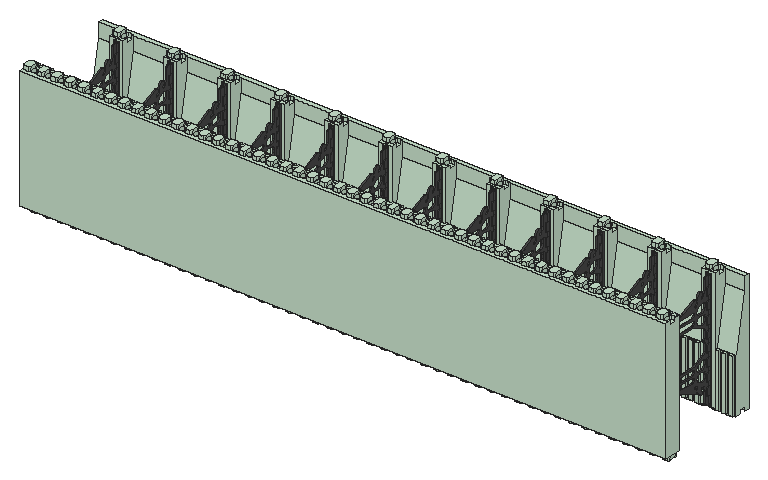
Revit family (continued)
Forms (in)
  Extrusion 106, void
    sketch origin (90, -4, 0) x (-1, 0, 0) y (0, -1, 0)
      loop
        arc (2, 4.89808) -> (1.95215, 5.04517) -> (1.82692, 5.13595) r 0.25
        arc (1.82692, 5.13595) -> (1.5, 5.1875) -> (1.17308, 5.13595) r 1.0625
        arc (1.17308, 5.13595) -> (1.04785, 5.04517) -> (1, 4.89808) r 0.25
    from 0 to 0.5
  Extrusion 107, void
    sketch origin (92, -4, 0) x (-1, 0, 0) y (0, -1, 0)
      loop
        line (1, 4.89808) -> (1, 3.97692)
        arc (1, 3.97692) -> (1.04785, 3.82983) -> (1.17308, 3.73905) r 0.25
        arc (1.17308, 3.73905) -> (1.42092, 3.69045) -> (1.67323, 3.70172) r 1.0625
        arc (1.67323, 3.70172) -> (1.72385, 3.68771) -> (1.74592, 3.64005) r 0.0625
        line (1.74592, 3.64005) -> (1.74592, 3.41845) -> (1.91675, 3.41845) -> (1.91675, 3.76455)
        arc (1.91675, 3.76455) -> (1.92106, 3.78736) -> (1.9334, 3.80702) r 0.0625
        arc (1.9334, 3.80702) -> (1.98276, 3.88568) -> (2, 3.97692) r 0.25
        line (2, 3.97692) -> (2, 4.89808)
        arc (2, 4.89808) -> (1.95215, 5.04517) -> (1.82692, 5.13595) r 0.25
        arc (1.82692, 5.13595) -> (1.5, 5.1875) -> (1.17308, 5.13595) r 1.0625
        arc (1.17308, 5.13595) -> (1.04785, 5.04517) -> (1, 4.89808) r 0.25
    from 0 to 0.5
  Extrusion 108, void
    sketch origin (94, -4, 0) x (-1, 0, 0) y (0, -1, 0)
      loop
        line (1, 4.89808) -> (1, 3.97692)
        arc (1, 3.97692) -> (1.04785, 3.82983) -> (1.17308, 3.73905) r 0.25
        arc (1.17308, 3.73905) -> (1.42092, 3.69045) -> (1.67323, 3.70172) r 1.0625
        arc (1.67323, 3.70172) -> (1.72385, 3.68771) -> (1.74592, 3.64005) r 0.0625
        line (1.74592, 3.64005) -> (1.74592, 3.41845) -> (1.91675, 3.41845) -> (1.91675, 3.76455)
        arc (1.91675, 3.76455) -> (1.92106, 3.78736) -> (1.9334, 3.80702) r 0.0625
        arc (1.9334, 3.80702) -> (1.98276, 3.88568) -> (2, 3.97692) r 0.25
        line (2, 3.97692) -> (2, 4.89808)
        arc (2, 4.89808) -> (1.95215, 5.04517) -> (1.82692, 5.13595) r 0.25
        arc (1.82692, 5.13595) -> (1.5, 5.1875) -> (1.17308, 5.13595) r 1.0625
        arc (1.17308, 5.13595) -> (1.04785, 5.04517) -> (1, 4.89808) r 0.25
    from 0 to 0.5
  Extrusion 109, void
    sketch origin (96, -4, 0) x (-1, 0, 0) y (0, -1, 0)
      loop
        line (1, 4.89808) -> (1, 3.97692)
        arc (1, 3.97692) -> (1.04785, 3.82983) -> (1.17308, 3.73905) r 0.25
        arc (1.17308, 3.73905) -> (1.42092, 3.69045) -> (1.67323, 3.70172) r 1.0625
        arc (1.67323, 3.70172) -> (1.72385, 3.68771) -> (1.74592, 3.64005) r 0.0625
        line (1.74592, 3.64005) -> (1.74592, 3.41845) -> (1.91675, 3.41845) -> (1.91675, 3.76455)
        arc (1.91675, 3.76455) -> (1.92106, 3.78736) -> (1.9334, 3.80702) r 0.0625
        arc (1.9334, 3.80702) -> (1.98276, 3.88568) -> (2, 3.97692) r 0.25
        line (2, 3.97692) -> (2, 4.89808)
        arc (2, 4.89808) -> (1.95215, 5.04517) -> (1.82692, 5.13595) r 0.25
        arc (1.82692, 5.13595) -> (1.5, 5.1875) -> (1.17308, 5.13595) r 1.0625
        arc (1.17308, 5.13595) -> (1.04785, 5.04517) -> (1, 4.89808) r 0.25
    from 0 to 0.5
  Extrusion 110, void
    sketch origin (94, 0, 0) x (1, 0, 0) y (0, 1, 0)
      loop
        line (1, 4.89808) -> (1, 3.97692)
        arc (1, 3.97692) -> (1.04785, 3.82983) -> (1.17308, 3.73905) r 0.25
        arc (1.17308, 3.73905) -> (1.42092, 3.69045) -> (1.67323, 3.70172) r 1.0625
        arc (1.67323, 3.70172) -> (1.72385, 3.68771) -> (1.74592, 3.64005) r 0.0625
        line (1.74592, 3.64005) -> (1.74592, 3.41845) -> (1.91675, 3.41845) -> (1.91675, 3.76455)
        arc (1.91675, 3.76455) -> (1.92106, 3.78736) -> (1.9334, 3.80702) r 0.0625
        arc (1.9334, 3.80702) -> (1.98276, 3.88568) -> (2, 3.97692) r 0.25
        line (2, 3.97692) -> (2, 4.89808)
        arc (2, 4.89808) -> (1.95215, 5.04517) -> (1.82692, 5.13595) r 0.25
        arc (1.82692, 5.13595) -> (1.5, 5.1875) -> (1.17308, 5.13595) r 1.0625
        arc (1.17308, 5.13595) -> (1.04785, 5.04517) -> (1, 4.89808) r 0.25
    from 0 to 0.5
  Extrusion 111, void
    sketch origin (92, 0, 0) x (1, 0, 0) y (0, 1, 0)
      loop
        line (1, 4.89808) -> (1, 3.97692)
        arc (1, 3.97692) -> (1.04785, 3.82983) -> (1.17308, 3.73905) r 0.25
        arc (1.17308, 3.73905) -> (1.42092, 3.69045) -> (1.67323, 3.70172) r 1.0625
        arc (1.67323, 3.70172) -> (1.72385, 3.68771) -> (1.74592, 3.64005) r 0.0625
        line (1.74592, 3.64005) -> (1.74592, 3.41845) -> (1.91675, 3.41845) -> (1.91675, 3.76455)
        arc (1.91675, 3.76455) -> (1.92106, 3.78736) -> (1.9334, 3.80702) r 0.0625
        arc (1.9334, 3.80702) -> (1.98276, 3.88568) -> (2, 3.97692) r 0.25
        line (2, 3.97692) -> (2, 4.89808)
        arc (2, 4.89808) -> (1.95215, 5.04517) -> (1.82692, 5.13595) r 0.25
        arc (1.82692, 5.13595) -> (1.5, 5.1875) -> (1.17308, 5.13595) r 1.0625
        arc (1.17308, 5.13595) -> (1.04785, 5.04517) -> (1, 4.89808) r 0.25
    from 0 to 0.5
  Extrusion 112, void
    sketch origin (90, 0, 0) x (1, 0, 0) y (0, 1, 0)
      loop
        line (1, 4.89808) -> (1, 3.97692)
        arc (1, 3.97692) -> (1.04785, 3.82983) -> (1.17308, 3.73905) r 0.25
        arc (1.17308, 3.73905) -> (1.42092, 3.69045) -> (1.67323, 3.70172) r 1.0625
        arc (1.67323, 3.70172) -> (1.72385, 3.68771) -> (1.74592, 3.64005) r 0.0625
        line (1.74592, 3.64005) -> (1.74592, 3.41845) -> (1.91675, 3.41845) -> (1.91675, 3.76455)
        arc (1.91675, 3.76455) -> (1.92106, 3.78736) -> (1.9334, 3.80702) r 0.0625
        arc (1.9334, 3.80702) -> (1.98276, 3.88568) -> (2, 3.97692) r 0.25
        line (2, 3.97692) -> (2, 4.89808)
        arc (2, 4.89808) -> (1.95215, 5.04517) -> (1.82692, 5.13595) r 0.25
        arc (1.82692, 5.13595) -> (1.5, 5.1875) -> (1.17308, 5.13595) r 1.0625
        arc (1.17308, 5.13595) -> (1.04785, 5.04517) -> (1, 4.89808) r 0.25
    from 0 to 0.5
  Extrusion 113, void
    sketch origin (88, 0, 0) x (1, 0, 0) y (0, 1, 0)
      loop
        line (1, 4.89808) -> (1, 3.97692)
        arc (1, 3.97692) -> (1.04785, 3.82983) -> (1.17308, 3.73905) r 0.25
        arc (1.17308, 3.73905) -> (1.42092, 3.69045) -> (1.67323, 3.70172) r 1.0625
        arc (1.67323, 3.70172) -> (1.72385, 3.68771) -> (1.74592, 3.64005) r 0.0625
        line (1.74592, 3.64005) -> (1.74592, 3.41845) -> (1.91675, 3.41845) -> (1.91675, 3.76455)
        arc (1.91675, 3.76455) -> (1.92106, 3.78736) -> (1.9334, 3.80702) r 0.0625
        arc (1.9334, 3.80702) -> (1.98276, 3.88568) -> (2, 3.97692) r 0.25
        line (2, 3.97692) -> (2, 4.89808)
        arc (2, 4.89808) -> (1.95215, 5.04517) -> (1.82692, 5.13595) r 0.25
        arc (1.82692, 5.13595) -> (1.5, 5.1875) -> (1.17308, 5.13595) r 1.0625
        arc (1.17308, 5.13595) -> (1.04785, 5.04517) -> (1, 4.89808) r 0.25
    from 0 to 0.5
  Extrusion 114, void
    sketch origin (86, 0, 0) x (1, 0, 0) y (0, 1, 0)
      loop
        line (1, 4.89808) -> (1, 3.97692)
        arc (1, 3.97692) -> (1.04785, 3.82983) -> (1.17308, 3.73905) r 0.25
        arc (1.17308, 3.73905) -> (1.42092, 3.69045) -> (1.67323, 3.70172) r 1.0625
        arc (1.67323, 3.70172) -> (1.72385, 3.68771) -> (1.74592, 3.64005) r 0.0625
        line (1.74592, 3.64005) -> (1.74592, 3.41845) -> (1.91675, 3.41845) -> (1.91675, 3.76455)
        arc (1.91675, 3.76455) -> (1.92106, 3.78736) -> (1.9334, 3.80702) r 0.0625
        arc (1.9334, 3.80702) -> (1.98276, 3.88568) -> (2, 3.97692) r 0.25
        line (2, 3.97692) -> (2, 4.89808)
        arc (2, 4.89808) -> (1.95215, 5.04517) -> (1.82692, 5.13595) r 0.25
        arc (1.82692, 5.13595) -> (1.5, 5.1875) -> (1.17308, 5.13595) r 1.0625
        arc (1.17308, 5.13595) -> (1.04785, 5.04517) -> (1, 4.89808) r 0.25
    from 0 to 0.5
  Extrusion 115, void
    sketch origin (84, 0, 0) x (1, 0, 0) y (0, 1, 0)
      loop
        line (1, 4.89808) -> (1, 3.97692)
        arc (1, 3.97692) -> (1.04785, 3.82983) -> (1.17308, 3.73905) r 0.25
        arc (1.17308, 3.73905) -> (1.42092, 3.69045) -> (1.67323, 3.70172) r 1.0625
        arc (1.67323, 3.70172) -> (1.72385, 3.68771) -> (1.74592, 3.64005) r 0.0625
        line (1.74592, 3.64005) -> (1.74592, 3.41845) -> (1.91675, 3.41845) -> (1.91675, 3.76455)
        arc (1.91675, 3.76455) -> (1.92106, 3.78736) -> (1.9334, 3.80702) r 0.0625
        arc (1.9334, 3.80702) -> (1.98276, 3.88568) -> (2, 3.97692) r 0.25
        line (2, 3.97692) -> (2, 4.89808)
        arc (2, 4.89808) -> (1.95215, 5.04517) -> (1.82692, 5.13595) r 0.25
        arc (1.82692, 5.13595) -> (1.5, 5.1875) -> (1.17308, 5.13595) r 1.0625
        arc (1.17308, 5.13595) -> (1.04785, 5.04517) -> (1, 4.89808) r 0.25
    from 0 to 0.5
  Extrusion 116, void
    sketch origin (82, 0, 0) x (1, 0, 0) y (0, 1, 0)
      loop
        line (1, 4.89808) -> (1, 3.97692)
        arc (1, 3.97692) -> (1.04785, 3.82983) -> (1.17308, 3.73905) r 0.25
        arc (1.17308, 3.73905) -> (1.42092, 3.69045) -> (1.67323, 3.70172) r 1.0625
        arc (1.67323, 3.70172) -> (1.72385, 3.68771) -> (1.74592, 3.64005) r 0.0625
        line (1.74592, 3.64005) -> (1.74592, 3.41845) -> (1.91675, 3.41845) -> (1.91675, 3.76455)
        arc (1.91675, 3.76455) -> (1.92106, 3.78736) -> (1.9334, 3.80702) r 0.0625
        arc (1.9334, 3.80702) -> (1.98276, 3.88568) -> (2, 3.97692) r 0.25
        line (2, 3.97692) -> (2, 4.89808)
        arc (2, 4.89808) -> (1.95215, 5.04517) -> (1.82692, 5.13595) r 0.25
        arc (1.82692, 5.13595) -> (1.5, 5.1875) -> (1.17308, 5.13595) r 1.0625
        arc (1.17308, 5.13595) -> (1.04785, 5.04517) -> (1, 4.89808) r 0.25
    from 0 to 0.5
  Extrusion 117, void
    sketch origin (80, 0, 0) x (1, 0, 0) y (0, 1, 0)
      loop
        line (1, 4.89808) -> (1, 3.97692)
        arc (1, 3.97692) -> (1.04785, 3.82983) -> (1.17308, 3.73905) r 0.25
        arc (1.17308, 3.73905) -> (1.42092, 3.69045) -> (1.67323, 3.70172) r 1.0625
        arc (1.67323, 3.70172) -> (1.72385, 3.68771) -> (1.74592, 3.64005) r 0.0625
        line (1.74592, 3.64005) -> (1.74592, 3.41845) -> (1.91675, 3.41845) -> (1.91675, 3.76455)
        arc (1.91675, 3.76455) -> (1.92106, 3.78736) -> (1.9334, 3.80702) r 0.0625
        arc (1.9334, 3.80702) -> (1.98276, 3.88568) -> (2, 3.97692) r 0.25
        line (2, 3.97692) -> (2, 4.89808)
        arc (2, 4.89808) -> (1.95215, 5.04517) -> (1.82692, 5.13595) r 0.25
        arc (1.82692, 5.13595) -> (1.5, 5.1875) -> (1.17308, 5.13595) r 1.0625
        arc (1.17308, 5.13595) -> (1.04785, 5.04517) -> (1, 4.89808) r 0.25
    from 0 to 0.5
  Extrusion 118, void
    sketch origin (78, 0, 0) x (1, 0, 0) y (0, 1, 0)
      loop
        line (1, 4.89808) -> (1, 3.97692)
        arc (1, 3.97692) -> (1.04785, 3.82983) -> (1.17308, 3.73905) r 0.25
        arc (1.17308, 3.73905) -> (1.42092, 3.69045) -> (1.67323, 3.70172) r 1.0625
        arc (1.67323, 3.70172) -> (1.72385, 3.68771) -> (1.74592, 3.64005) r 0.0625
        line (1.74592, 3.64005) -> (1.74592, 3.41845) -> (1.91675, 3.41845) -> (1.91675, 3.76455)
        arc (1.91675, 3.76455) -> (1.92106, 3.78736) -> (1.9334, 3.80702) r 0.0625
        arc (1.9334, 3.80702) -> (1.98276, 3.88568) -> (2, 3.97692) r 0.25
        line (2, 3.97692) -> (2, 4.89808)
        arc (2, 4.89808) -> (1.95215, 5.04517) -> (1.82692, 5.13595) r 0.25
        arc (1.82692, 5.13595) -> (1.5, 5.1875) -> (1.17308, 5.13595) r 1.0625
        arc (1.17308, 5.13595) -> (1.04785, 5.04517) -> (1, 4.89808) r 0.25
    from 0 to 0.5
  Extrusion 119, void
    sketch origin (76, 0, 0) x (1, 0, 0) y (0, 1, 0)
      loop
        line (1, 4.89808) -> (1, 3.97692)
        arc (1, 3.97692) -> (1.04785, 3.82983) -> (1.17308, 3.73905) r 0.25
        arc (1.17308, 3.73905) -> (1.42092, 3.69045) -> (1.67323, 3.70172) r 1.0625
        arc (1.67323, 3.70172) -> (1.72385, 3.68771) -> (1.74592, 3.64005) r 0.0625
        line (1.74592, 3.64005) -> (1.74592, 3.41845) -> (1.91675, 3.41845) -> (1.91675, 3.76455)
        arc (1.91675, 3.76455) -> (1.92106, 3.78736) -> (1.9334, 3.80702) r 0.0625
        arc (1.9334, 3.80702) -> (1.98276, 3.88568) -> (2, 3.97692) r 0.25
        line (2, 3.97692) -> (2, 4.89808)
        arc (2, 4.89808) -> (1.95215, 5.04517) -> (1.82692, 5.13595) r 0.25
        arc (1.82692, 5.13595) -> (1.5, 5.1875) -> (1.17308, 5.13595) r 1.0625
        arc (1.17308, 5.13595) -> (1.04785, 5.04517) -> (1, 4.89808) r 0.25
    from 0 to 0.5
  Extrusion 120, void
    sketch origin (74, 0, 0) x (1, 0, 0) y (0, 1, 0)
      loop
        line (1, 4.89808) -> (1, 3.97692)
        arc (1, 3.97692) -> (1.04785, 3.82983) -> (1.17308, 3.73905) r 0.25
        arc (1.17308, 3.73905) -> (1.42092, 3.69045) -> (1.67323, 3.70172) r 1.0625
        arc (1.67323, 3.70172) -> (1.72385, 3.68771) -> (1.74592, 3.64005) r 0.0625
        line (1.74592, 3.64005) -> (1.74592, 3.41845) -> (1.91675, 3.41845) -> (1.91675, 3.76455)
        arc (1.91675, 3.76455) -> (1.92106, 3.78736) -> (1.9334, 3.80702) r 0.0625
        arc (1.9334, 3.80702) -> (1.98276, 3.88568) -> (2, 3.97692) r 0.25
        line (2, 3.97692) -> (2, 4.89808)
        arc (2, 4.89808) -> (1.95215, 5.04517) -> (1.82692, 5.13595) r 0.25
        arc (1.82692, 5.13595) -> (1.5, 5.1875) -> (1.17308, 5.13595) r 1.0625
        arc (1.17308, 5.13595) -> (1.04785, 5.04517) -> (1, 4.89808) r 0.25
    from 0 to 0.5
  Extrusion 121, void
    sketch origin (72, 0, 0) x (1, 0, 0) y (0, 1, 0)
      loop
        line (1, 4.89808) -> (1, 3.97692)
        arc (1, 3.97692) -> (1.04785, 3.82983) -> (1.17308, 3.73905) r 0.25
        arc (1.17308, 3.73905) -> (1.42092, 3.69045) -> (1.67323, 3.70172) r 1.0625
        arc (1.67323, 3.70172) -> (1.72385, 3.68771) -> (1.74592, 3.64005) r 0.0625
        line (1.74592, 3.64005) -> (1.74592, 3.41845) -> (1.91675, 3.41845) -> (1.91675, 3.76455)
        arc (1.91675, 3.76455) -> (1.92106, 3.78736) -> (1.9334, 3.80702) r 0.0625
        arc (1.9334, 3.80702) -> (1.98276, 3.88568) -> (2, 3.97692) r 0.25
        line (2, 3.97692) -> (2, 4.89808)
        arc (2, 4.89808) -> (1.95215, 5.04517) -> (1.82692, 5.13595) r 0.25
        arc (1.82692, 5.13595) -> (1.5, 5.1875) -> (1.17308, 5.13595) r 1.0625
        arc (1.17308, 5.13595) -> (1.04785, 5.04517) -> (1, 4.89808) r 0.25
    from 0 to 0.5
  Extrusion 122, void
    sketch origin (70, 0, 0) x (1, 0, 0) y (0, 1, 0)
      loop
        line (1, 4.89808) -> (1, 3.97692)
        arc (1, 3.97692) -> (1.04785, 3.82983) -> (1.17308, 3.73905) r 0.25
        arc (1.17308, 3.73905) -> (1.42092, 3.69045) -> (1.67323, 3.70172) r 1.0625
        arc (1.67323, 3.70172) -> (1.72385, 3.68771) -> (1.74592, 3.64005) r 0.0625
        line (1.74592, 3.64005) -> (1.74592, 3.41845) -> (1.91675, 3.41845) -> (1.91675, 3.76455)
        arc (1.91675, 3.76455) -> (1.92106, 3.78736) -> (1.9334, 3.80702) r 0.0625
        arc (1.9334, 3.80702) -> (1.98276, 3.88568) -> (2, 3.97692) r 0.25
        line (2, 3.97692) -> (2, 4.89808)
        arc (2, 4.89808) -> (1.95215, 5.04517) -> (1.82692, 5.13595) r 0.25
        arc (1.82692, 5.13595) -> (1.5, 5.1875) -> (1.17308, 5.13595) r 1.0625
        arc (1.17308, 5.13595) -> (1.04785, 5.04517) -> (1, 4.89808) r 0.25
    from 0 to 0.5
  Extrusion 123, void
    sketch origin (68, 0, 0) x (1, 0, 0) y (0, 1, 0)
      loop
        line (1, 4.89808) -> (1, 3.97692)
        arc (1, 3.97692) -> (1.04785, 3.82983) -> (1.17308, 3.73905) r 0.25
        arc (1.17308, 3.73905) -> (1.42092, 3.69045) -> (1.67323, 3.70172) r 1.0625
        arc (1.67323, 3.70172) -> (1.72385, 3.68771) -> (1.74592, 3.64005) r 0.0625
        line (1.74592, 3.64005) -> (1.74592, 3.41845) -> (1.91675, 3.41845) -> (1.91675, 3.76455)
        arc (1.91675, 3.76455) -> (1.92106, 3.78736) -> (1.9334, 3.80702) r 0.0625
        arc (1.9334, 3.80702) -> (1.98276, 3.88568) -> (2, 3.97692) r 0.25
        line (2, 3.97692) -> (2, 4.89808)
        arc (2, 4.89808) -> (1.95215, 5.04517) -> (1.82692, 5.13595) r 0.25
        arc (1.82692, 5.13595) -> (1.5, 5.1875) -> (1.17308, 5.13595) r 1.0625
        arc (1.17308, 5.13595) -> (1.04785, 5.04517) -> (1, 4.89808) r 0.25
    from 0 to 0.5
  Extrusion 124, void
    sketch origin (66, 0, 0) x (1, 0, 0) y (0, 1, 0)
      loop
        line (1, 4.89808) -> (1, 3.97692)
        arc (1, 3.97692) -> (1.04785, 3.82983) -> (1.17308, 3.73905) r 0.25
        arc (1.17308, 3.73905) -> (1.42092, 3.69045) -> (1.67323, 3.70172) r 1.0625
        arc (1.67323, 3.70172) -> (1.72385, 3.68771) -> (1.74592, 3.64005) r 0.0625
        line (1.74592, 3.64005) -> (1.74592, 3.41845) -> (1.91675, 3.41845) -> (1.91675, 3.76455)
        arc (1.91675, 3.76455) -> (1.92106, 3.78736) -> (1.9334, 3.80702) r 0.0625
        arc (1.9334, 3.80702) -> (1.98276, 3.88568) -> (2, 3.97692) r 0.25
        line (2, 3.97692) -> (2, 4.89808)
        arc (2, 4.89808) -> (1.95215, 5.04517) -> (1.82692, 5.13595) r 0.25
        arc (1.82692, 5.13595) -> (1.5, 5.1875) -> (1.17308, 5.13595) r 1.0625
        arc (1.17308, 5.13595) -> (1.04785, 5.04517) -> (1, 4.89808) r 0.25
    from 0 to 0.5
  Extrusion 125, void
    sketch origin (64, 0, 0) x (1, 0, 0) y (0, 1, 0)
      loop
        line (1, 4.89808) -> (1, 3.97692)
        arc (1, 3.97692) -> (1.04785, 3.82983) -> (1.17308, 3.73905) r 0.25
        arc (1.17308, 3.73905) -> (1.42092, 3.69045) -> (1.67323, 3.70172) r 1.0625
        arc (1.67323, 3.70172) -> (1.72385, 3.68771) -> (1.74592, 3.64005) r 0.0625
        line (1.74592, 3.64005) -> (1.74592, 3.41845) -> (1.91675, 3.41845) -> (1.91675, 3.76455)
        arc (1.91675, 3.76455) -> (1.92106, 3.78736) -> (1.9334, 3.80702) r 0.0625
        arc (1.9334, 3.80702) -> (1.98276, 3.88568) -> (2, 3.97692) r 0.25
        line (2, 3.97692) -> (2, 4.89808)
        arc (2, 4.89808) -> (1.95215, 5.04517) -> (1.82692, 5.13595) r 0.25
        arc (1.82692, 5.13595) -> (1.5, 5.1875) -> (1.17308, 5.13595) r 1.0625
        arc (1.17308, 5.13595) -> (1.04785, 5.04517) -> (1, 4.89808) r 0.25
    from 0 to 0.5
  Extrusion 126, void
    sketch origin (62, 0, 0) x (1, 0, 0) y (0, 1, 0)
      loop
        line (1, 4.89808) -> (1, 3.97692)
        arc (1, 3.97692) -> (1.04785, 3.82983) -> (1.17308, 3.73905) r 0.25
        arc (1.17308, 3.73905) -> (1.42092, 3.69045) -> (1.67323, 3.70172) r 1.0625
        arc (1.67323, 3.70172) -> (1.72385, 3.68771) -> (1.74592, 3.64005) r 0.0625
        line (1.74592, 3.64005) -> (1.74592, 3.41845) -> (1.91675, 3.41845) -> (1.91675, 3.76455)
        arc (1.91675, 3.76455) -> (1.92106, 3.78736) -> (1.9334, 3.80702) r 0.0625
        arc (1.9334, 3.80702) -> (1.98276, 3.88568) -> (2, 3.97692) r 0.25
        line (2, 3.97692) -> (2, 4.89808)
        arc (2, 4.89808) -> (1.95215, 5.04517) -> (1.82692, 5.13595) r 0.25
        arc (1.82692, 5.13595) -> (1.5, 5.1875) -> (1.17308, 5.13595) r 1.0625
        arc (1.17308, 5.13595) -> (1.04785, 5.04517) -> (1, 4.89808) r 0.25
    from 0 to 0.5
  Extrusion 127, void
    sketch origin (60, 0, 0) x (1, 0, 0) y (0, 1, 0)
      loop
        line (1, 4.89808) -> (1, 3.97692)
        arc (1, 3.97692) -> (1.04785, 3.82983) -> (1.17308, 3.73905) r 0.25
        arc (1.17308, 3.73905) -> (1.42092, 3.69045) -> (1.67323, 3.70172) r 1.0625
        arc (1.67323, 3.70172) -> (1.72385, 3.68771) -> (1.74592, 3.64005) r 0.0625
        line (1.74592, 3.64005) -> (1.74592, 3.41845) -> (1.91675, 3.41845) -> (1.91675, 3.76455)
        arc (1.91675, 3.76455) -> (1.92106, 3.78736) -> (1.9334, 3.80702) r 0.0625
        arc (1.9334, 3.80702) -> (1.98276, 3.88568) -> (2, 3.97692) r 0.25
        line (2, 3.97692) -> (2, 4.89808)
        arc (2, 4.89808) -> (1.95215, 5.04517) -> (1.82692, 5.13595) r 0.25
        arc (1.82692, 5.13595) -> (1.5, 5.1875) -> (1.17308, 5.13595) r 1.0625
        arc (1.17308, 5.13595) -> (1.04785, 5.04517) -> (1, 4.89808) r 0.25
    from 0 to 0.5
  Extrusion 128, void
    sketch origin (58, 0, 0) x (1, 0, 0) y (0, 1, 0)
      loop
        line (1, 4.89808) -> (1, 3.97692)
        arc (1, 3.97692) -> (1.04785, 3.82983) -> (1.17308, 3.73905) r 0.25
        arc (1.17308, 3.73905) -> (1.42092, 3.69045) -> (1.67323, 3.70172) r 1.0625
        arc (1.67323, 3.70172) -> (1.72385, 3.68771) -> (1.74592, 3.64005) r 0.0625
        line (1.74592, 3.64005) -> (1.74592, 3.41845) -> (1.91675, 3.41845) -> (1.91675, 3.76455)
        arc (1.91675, 3.76455) -> (1.92106, 3.78736) -> (1.9334, 3.80702) r 0.0625
        arc (1.9334, 3.80702) -> (1.98276, 3.88568) -> (2, 3.97692) r 0.25
        line (2, 3.97692) -> (2, 4.89808)
        arc (2, 4.89808) -> (1.95215, 5.04517) -> (1.82692, 5.13595) r 0.25
        arc (1.82692, 5.13595) -> (1.5, 5.1875) -> (1.17308, 5.13595) r 1.0625
        arc (1.17308, 5.13595) -> (1.04785, 5.04517) -> (1, 4.89808) r 0.25
    from 0 to 0.5
  Extrusion 129, void
    sketch origin (56, 0, 0) x (1, 0, 0) y (0, 1, 0)
      loop
        line (1, 4.89808) -> (1, 3.97692)
        arc (1, 3.97692) -> (1.04785, 3.82983) -> (1.17308, 3.73905) r 0.25
        arc (1.17308, 3.73905) -> (1.42092, 3.69045) -> (1.67323, 3.70172) r 1.0625
        arc (1.67323, 3.70172) -> (1.72385, 3.68771) -> (1.74592, 3.64005) r 0.0625
        line (1.74592, 3.64005) -> (1.74592, 3.41845) -> (1.91675, 3.41845) -> (1.91675, 3.76455)
        arc (1.91675, 3.76455) -> (1.92106, 3.78736) -> (1.9334, 3.80702) r 0.0625
        arc (1.9334, 3.80702) -> (1.98276, 3.88568) -> (2, 3.97692) r 0.25
        line (2, 3.97692) -> (2, 4.89808)
        arc (2, 4.89808) -> (1.95215, 5.04517) -> (1.82692, 5.13595) r 0.25
        arc (1.82692, 5.13595) -> (1.5, 5.1875) -> (1.17308, 5.13595) r 1.0625
        arc (1.17308, 5.13595) -> (1.04785, 5.04517) -> (1, 4.89808) r 0.25
    from 0 to 0.5
  Extrusion 130, void
    sketch origin (54, 0, 0) x (1, 0, 0) y (0, 1, 0)
      loop
        line (1, 4.89808) -> (1, 3.97692)
        arc (1, 3.97692) -> (1.04785, 3.82983) -> (1.17308, 3.73905) r 0.25
        arc (1.17308, 3.73905) -> (1.42092, 3.69045) -> (1.67323, 3.70172) r 1.0625
        arc (1.67323, 3.70172) -> (1.72385, 3.68771) -> (1.74592, 3.64005) r 0.0625
        line (1.74592, 3.64005) -> (1.74592, 3.41845) -> (1.91675, 3.41845) -> (1.91675, 3.76455)
        arc (1.91675, 3.76455) -> (1.92106, 3.78736) -> (1.9334, 3.80702) r 0.0625
        arc (1.9334, 3.80702) -> (1.98276, 3.88568) -> (2, 3.97692) r 0.25
        line (2, 3.97692) -> (2, 4.89808)
        arc (2, 4.89808) -> (1.95215, 5.04517) -> (1.82692, 5.13595) r 0.25
        arc (1.82692, 5.13595) -> (1.5, 5.1875) -> (1.17308, 5.13595) r 1.0625
        arc (1.17308, 5.13595) -> (1.04785, 5.04517) -> (1, 4.89808) r 0.25
    from 0 to 0.5
  Extrusion 131, void
    sketch origin (52, 0, 0) x (1, 0, 0) y (0, 1, 0)
      loop
        line (1, 4.89808) -> (1, 3.97692)
        arc (1, 3.97692) -> (1.04785, 3.82983) -> (1.17308, 3.73905) r 0.25
        arc (1.17308, 3.73905) -> (1.42092, 3.69045) -> (1.67323, 3.70172) r 1.0625
        arc (1.67323, 3.70172) -> (1.72385, 3.68771) -> (1.74592, 3.64005) r 0.0625
        line (1.74592, 3.64005) -> (1.74592, 3.41845) -> (1.91675, 3.41845) -> (1.91675, 3.76455)
        arc (1.91675, 3.76455) -> (1.92106, 3.78736) -> (1.9334, 3.80702) r 0.0625
        arc (1.9334, 3.80702) -> (1.98276, 3.88568) -> (2, 3.97692) r 0.25
        line (2, 3.97692) -> (2, 4.89808)
        arc (2, 4.89808) -> (1.95215, 5.04517) -> (1.82692, 5.13595) r 0.25
        arc (1.82692, 5.13595) -> (1.5, 5.1875) -> (1.17308, 5.13595) r 1.0625
        arc (1.17308, 5.13595) -> (1.04785, 5.04517) -> (1, 4.89808) r 0.25
    from 0 to 0.5
  Extrusion 132, void
    sketch origin (50, 0, 0) x (1, 0, 0) y (0, 1, 0)
      loop
        line (1, 4.89808) -> (1, 3.97692)
        arc (1, 3.97692) -> (1.04785, 3.82983) -> (1.17308, 3.73905) r 0.25
        arc (1.17308, 3.73905) -> (1.42092, 3.69045) -> (1.67323, 3.70172) r 1.0625
        arc (1.67323, 3.70172) -> (1.72385, 3.68771) -> (1.74592, 3.64005) r 0.0625
        line (1.74592, 3.64005) -> (1.74592, 3.41845) -> (1.91675, 3.41845) -> (1.91675, 3.76455)
        arc (1.91675, 3.76455) -> (1.92106, 3.78736) -> (1.9334, 3.80702) r 0.0625
        arc (1.9334, 3.80702) -> (1.98276, 3.88568) -> (2, 3.97692) r 0.25
        line (2, 3.97692) -> (2, 4.89808)
        arc (2, 4.89808) -> (1.95215, 5.04517) -> (1.82692, 5.13595) r 0.25
        arc (1.82692, 5.13595) -> (1.5, 5.1875) -> (1.17308, 5.13595) r 1.0625
        arc (1.17308, 5.13595) -> (1.04785, 5.04517) -> (1, 4.89808) r 0.25
    from 0 to 0.5
  Extrusion 133, void
    sketch origin (48, 0, 0) x (1, 0, 0) y (0, 1, 0)
      loop
        line (1, 4.89808) -> (1, 3.97692)
        arc (1, 3.97692) -> (1.04785, 3.82983) -> (1.17308, 3.73905) r 0.25
        arc (1.17308, 3.73905) -> (1.42092, 3.69045) -> (1.67323, 3.70172) r 1.0625
        arc (1.67323, 3.70172) -> (1.72385, 3.68771) -> (1.74592, 3.64005) r 0.0625
        line (1.74592, 3.64005) -> (1.74592, 3.41845) -> (1.91675, 3.41845) -> (1.91675, 3.76455)
        arc (1.91675, 3.76455) -> (1.92106, 3.78736) -> (1.9334, 3.80702) r 0.0625
        arc (1.9334, 3.80702) -> (1.98276, 3.88568) -> (2, 3.97692) r 0.25
        line (2, 3.97692) -> (2, 4.89808)
        arc (2, 4.89808) -> (1.95215, 5.04517) -> (1.82692, 5.13595) r 0.25
        arc (1.82692, 5.13595) -> (1.5, 5.1875) -> (1.17308, 5.13595) r 1.0625
        arc (1.17308, 5.13595) -> (1.04785, 5.04517) -> (1, 4.89808) r 0.25
    from 0 to 0.5
  Extrusion 134, void
    sketch origin (46, 0, 0) x (1, 0, 0) y (0, 1, 0)
      loop
        line (1, 4.89808) -> (1, 3.97692)
        arc (1, 3.97692) -> (1.04785, 3.82983) -> (1.17308, 3.73905) r 0.25
        arc (1.17308, 3.73905) -> (1.42092, 3.69045) -> (1.67323, 3.70172) r 1.0625
        arc (1.67323, 3.70172) -> (1.72385, 3.68771) -> (1.74592, 3.64005) r 0.0625
        line (1.74592, 3.64005) -> (1.74592, 3.41845) -> (1.91675, 3.41845) -> (1.91675, 3.76455)
        arc (1.91675, 3.76455) -> (1.92106, 3.78736) -> (1.9334, 3.80702) r 0.0625
        arc (1.9334, 3.80702) -> (1.98276, 3.88568) -> (2, 3.97692) r 0.25
        line (2, 3.97692) -> (2, 4.89808)
        arc (2, 4.89808) -> (1.95215, 5.04517) -> (1.82692, 5.13595) r 0.25
        arc (1.82692, 5.13595) -> (1.5, 5.1875) -> (1.17308, 5.13595) r 1.0625
        arc (1.17308, 5.13595) -> (1.04785, 5.04517) -> (1, 4.89808) r 0.25
    from 0 to 0.5
  Extrusion 135, void
    sketch origin (44, 0, 0) x (1, 0, 0) y (0, 1, 0)
      loop
        line (1, 4.89808) -> (1, 3.97692)
        arc (1, 3.97692) -> (1.04785, 3.82983) -> (1.17308, 3.73905) r 0.25
        arc (1.17308, 3.73905) -> (1.42092, 3.69045) -> (1.67323, 3.70172) r 1.0625
        arc (1.67323, 3.70172) -> (1.72385, 3.68771) -> (1.74592, 3.64005) r 0.0625
        line (1.74592, 3.64005) -> (1.74592, 3.41845) -> (1.91675, 3.41845) -> (1.91675, 3.76455)
        arc (1.91675, 3.76455) -> (1.92106, 3.78736) -> (1.9334, 3.80702) r 0.0625
        arc (1.9334, 3.80702) -> (1.98276, 3.88568) -> (2, 3.97692) r 0.25
        line (2, 3.97692) -> (2, 4.89808)
        arc (2, 4.89808) -> (1.95215, 5.04517) -> (1.82692, 5.13595) r 0.25
        arc (1.82692, 5.13595) -> (1.5, 5.1875) -> (1.17308, 5.13595) r 1.0625
        arc (1.17308, 5.13595) -> (1.04785, 5.04517) -> (1, 4.89808) r 0.25
    from 0 to 0.5
  Extrusion 136, void
    sketch origin (42, 0, 0) x (1, 0, 0) y (0, 1, 0)
      loop
        line (1, 4.89808) -> (1, 3.97692)
        arc (1, 3.97692) -> (1.04785, 3.82983) -> (1.17308, 3.73905) r 0.25
        arc (1.17308, 3.73905) -> (1.42092, 3.69045) -> (1.67323, 3.70172) r 1.0625
        arc (1.67323, 3.70172) -> (1.72385, 3.68771) -> (1.74592, 3.64005) r 0.0625
        line (1.74592, 3.64005) -> (1.74592, 3.41845) -> (1.91675, 3.41845) -> (1.91675, 3.76455)
        arc (1.91675, 3.76455) -> (1.92106, 3.78736) -> (1.9334, 3.80702) r 0.0625
        arc (1.9334, 3.80702) -> (1.98276, 3.88568) -> (2, 3.97692) r 0.25
        line (2, 3.97692) -> (2, 4.89808)
        arc (2, 4.89808) -> (1.95215, 5.04517) -> (1.82692, 5.13595) r 0.25
        arc (1.82692, 5.13595) -> (1.5, 5.1875) -> (1.17308, 5.13595) r 1.0625
        arc (1.17308, 5.13595) -> (1.04785, 5.04517) -> (1, 4.89808) r 0.25
    from 0 to 0.5
  Extrusion 137, void
    sketch origin (40, 0, 0) x (1, 0, 0) y (0, 1, 0)
      loop
        line (1, 4.89808) -> (1, 3.97692)
        arc (1, 3.97692) -> (1.04785, 3.82983) -> (1.17308, 3.73905) r 0.25
        arc (1.17308, 3.73905) -> (1.42092, 3.69045) -> (1.67323, 3.70172) r 1.0625
        arc (1.67323, 3.70172) -> (1.72385, 3.68771) -> (1.74592, 3.64005) r 0.0625
        line (1.74592, 3.64005) -> (1.74592, 3.41845) -> (1.91675, 3.41845) -> (1.91675, 3.76455)
        arc (1.91675, 3.76455) -> (1.92106, 3.78736) -> (1.9334, 3.80702) r 0.0625
        arc (1.9334, 3.80702) -> (1.98276, 3.88568) -> (2, 3.97692) r 0.25
        line (2, 3.97692) -> (2, 4.89808)
        arc (2, 4.89808) -> (1.95215, 5.04517) -> (1.82692, 5.13595) r 0.25
        arc (1.82692, 5.13595) -> (1.5, 5.1875) -> (1.17308, 5.13595) r 1.0625
        arc (1.17308, 5.13595) -> (1.04785, 5.04517) -> (1, 4.89808) r 0.25
    from 0 to 0.5
  Extrusion 138, void
    sketch origin (38, 0, 0) x (1, 0, 0) y (0, 1, 0)
      loop
        line (1, 4.89808) -> (1, 3.97692)
        arc (1, 3.97692) -> (1.04785, 3.82983) -> (1.17308, 3.73905) r 0.25
        arc (1.17308, 3.73905) -> (1.42092, 3.69045) -> (1.67323, 3.70172) r 1.0625
        arc (1.67323, 3.70172) -> (1.72385, 3.68771) -> (1.74592, 3.64005) r 0.0625
        line (1.74592, 3.64005) -> (1.74592, 3.41845) -> (1.91675, 3.41845) -> (1.91675, 3.76455)
        arc (1.91675, 3.76455) -> (1.92106, 3.78736) -> (1.9334, 3.80702) r 0.0625
        arc (1.9334, 3.80702) -> (1.98276, 3.88568) -> (2, 3.97692) r 0.25
        line (2, 3.97692) -> (2, 4.89808)
        arc (2, 4.89808) -> (1.95215, 5.04517) -> (1.82692, 5.13595) r 0.25
        arc (1.82692, 5.13595) -> (1.5, 5.1875) -> (1.17308, 5.13595) r 1.0625
        arc (1.17308, 5.13595) -> (1.04785, 5.04517) -> (1, 4.89808) r 0.25
    from 0 to 0.5
  Extrusion 139, void
    sketch origin (36, 0, 0) x (1, 0, 0) y (0, 1, 0)
      loop
        line (1, 4.89808) -> (1, 3.97692)
        arc (1, 3.97692) -> (1.04785, 3.82983) -> (1.17308, 3.73905) r 0.25
        arc (1.17308, 3.73905) -> (1.42092, 3.69045) -> (1.67323, 3.70172) r 1.0625
        arc (1.67323, 3.70172) -> (1.72385, 3.68771) -> (1.74592, 3.64005) r 0.0625
        line (1.74592, 3.64005) -> (1.74592, 3.41845) -> (1.91675, 3.41845) -> (1.91675, 3.76455)
        arc (1.91675, 3.76455) -> (1.92106, 3.78736) -> (1.9334, 3.80702) r 0.0625
        arc (1.9334, 3.80702) -> (1.98276, 3.88568) -> (2, 3.97692) r 0.25
        line (2, 3.97692) -> (2, 4.89808)
        arc (2, 4.89808) -> (1.95215, 5.04517) -> (1.82692, 5.13595) r 0.25
        arc (1.82692, 5.13595) -> (1.5, 5.1875) -> (1.17308, 5.13595) r 1.0625
        arc (1.17308, 5.13595) -> (1.04785, 5.04517) -> (1, 4.89808) r 0.25
    from 0 to 0.5
  Extrusion 140, void
    sketch origin (34, 0, 0) x (1, 0, 0) y (0, 1, 0)
      loop
        line (1, 4.89808) -> (1, 3.97692)
        arc (1, 3.97692) -> (1.04785, 3.82983) -> (1.17308, 3.73905) r 0.25
        arc (1.17308, 3.73905) -> (1.42092, 3.69045) -> (1.67323, 3.70172) r 1.0625
        arc (1.67323, 3.70172) -> (1.72385, 3.68771) -> (1.74592, 3.64005) r 0.0625
        line (1.74592, 3.64005) -> (1.74592, 3.41845) -> (1.91675, 3.41845) -> (1.91675, 3.76455)
        arc (1.91675, 3.76455) -> (1.92106, 3.78736) -> (1.9334, 3.80702) r 0.0625
        arc (1.9334, 3.80702) -> (1.98276, 3.88568) -> (2, 3.97692) r 0.25
        line (2, 3.97692) -> (2, 4.89808)
        arc (2, 4.89808) -> (1.95215, 5.04517) -> (1.82692, 5.13595) r 0.25
        arc (1.82692, 5.13595) -> (1.5, 5.1875) -> (1.17308, 5.13595) r 1.0625
        arc (1.17308, 5.13595) -> (1.04785, 5.04517) -> (1, 4.89808) r 0.25
    from 0 to 0.5
  Extrusion 141, void
    sketch origin (32, 0, 0) x (1, 0, 0) y (0, 1, 0)
      loop
        line (1, 4.89808) -> (1, 3.97692)
        arc (1, 3.97692) -> (1.04785, 3.82983) -> (1.17308, 3.73905) r 0.25
        arc (1.17308, 3.73905) -> (1.42092, 3.69045) -> (1.67323, 3.70172) r 1.0625
        arc (1.67323, 3.70172) -> (1.72385, 3.68771) -> (1.74592, 3.64005) r 0.0625
        line (1.74592, 3.64005) -> (1.74592, 3.41845) -> (1.91675, 3.41845) -> (1.91675, 3.76455)
        arc (1.91675, 3.76455) -> (1.92106, 3.78736) -> (1.9334, 3.80702) r 0.0625
        arc (1.9334, 3.80702) -> (1.98276, 3.88568) -> (2, 3.97692) r 0.25
        line (2, 3.97692) -> (2, 4.89808)
        arc (2, 4.89808) -> (1.95215, 5.04517) -> (1.82692, 5.13595) r 0.25
        arc (1.82692, 5.13595) -> (1.5, 5.1875) -> (1.17308, 5.13595) r 1.0625
        arc (1.17308, 5.13595) -> (1.04785, 5.04517) -> (1, 4.89808) r 0.25
    from 0 to 0.5
  Extrusion 142, void
    sketch origin (30, 0, 0) x (1, 0, 0) y (0, 1, 0)
      loop
        line (1, 4.89808) -> (1, 3.97692)
        arc (1, 3.97692) -> (1.04785, 3.82983) -> (1.17308, 3.73905) r 0.25
        arc (1.17308, 3.73905) -> (1.42092, 3.69045) -> (1.67323, 3.70172) r 1.0625
        arc (1.67323, 3.70172) -> (1.72385, 3.68771) -> (1.74592, 3.64005) r 0.0625
        line (1.74592, 3.64005) -> (1.74592, 3.41845) -> (1.91675, 3.41845) -> (1.91675, 3.76455)
        arc (1.91675, 3.76455) -> (1.92106, 3.78736) -> (1.9334, 3.80702) r 0.0625
        arc (1.9334, 3.80702) -> (1.98276, 3.88568) -> (2, 3.97692) r 0.25
        line (2, 3.97692) -> (2, 4.89808)
        arc (2, 4.89808) -> (1.95215, 5.04517) -> (1.82692, 5.13595) r 0.25
        arc (1.82692, 5.13595) -> (1.5, 5.1875) -> (1.17308, 5.13595) r 1.0625
        arc (1.17308, 5.13595) -> (1.04785, 5.04517) -> (1, 4.89808) r 0.25
    from 0 to 0.5
  Extrusion 143, void
    sketch origin (28, 0, 0) x (1, 0, 0) y (0, 1, 0)
      loop
        line (1, 4.89808) -> (1, 3.97692)
        arc (1, 3.97692) -> (1.04785, 3.82983) -> (1.17308, 3.73905) r 0.25
        arc (1.17308, 3.73905) -> (1.42092, 3.69045) -> (1.67323, 3.70172) r 1.0625
        arc (1.67323, 3.70172) -> (1.72385, 3.68771) -> (1.74592, 3.64005) r 0.0625
        line (1.74592, 3.64005) -> (1.74592, 3.41845) -> (1.91675, 3.41845) -> (1.91675, 3.76455)
        arc (1.91675, 3.76455) -> (1.92106, 3.78736) -> (1.9334, 3.80702) r 0.0625
        arc (1.9334, 3.80702) -> (1.98276, 3.88568) -> (2, 3.97692) r 0.25
        line (2, 3.97692) -> (2, 4.89808)
        arc (2, 4.89808) -> (1.95215, 5.04517) -> (1.82692, 5.13595) r 0.25
        arc (1.82692, 5.13595) -> (1.5, 5.1875) -> (1.17308, 5.13595) r 1.0625
        arc (1.17308, 5.13595) -> (1.04785, 5.04517) -> (1, 4.89808) r 0.25
    from 0 to 0.5
  Extrusion 144, void
    sketch origin (26, 0, 0) x (1, 0, 0) y (0, 1, 0)
      loop
        line (1, 4.89808) -> (1, 3.97692)
        arc (1, 3.97692) -> (1.04785, 3.82983) -> (1.17308, 3.73905) r 0.25
        arc (1.17308, 3.73905) -> (1.42092, 3.69045) -> (1.67323, 3.70172) r 1.0625
        arc (1.67323, 3.70172) -> (1.72385, 3.68771) -> (1.74592, 3.64005) r 0.0625
        line (1.74592, 3.64005) -> (1.74592, 3.41845) -> (1.91675, 3.41845) -> (1.91675, 3.76455)
        arc (1.91675, 3.76455) -> (1.92106, 3.78736) -> (1.9334, 3.80702) r 0.0625
        arc (1.9334, 3.80702) -> (1.98276, 3.88568) -> (2, 3.97692) r 0.25
        line (2, 3.97692) -> (2, 4.89808)
        arc (2, 4.89808) -> (1.95215, 5.04517) -> (1.82692, 5.13595) r 0.25
        arc (1.82692, 5.13595) -> (1.5, 5.1875) -> (1.17308, 5.13595) r 1.0625
        arc (1.17308, 5.13595) -> (1.04785, 5.04517) -> (1, 4.89808) r 0.25
    from 0 to 0.5
  Extrusion 145, void
    sketch origin (24, 0, 0) x (1, 0, 0) y (0, 1, 0)
      loop
        line (1, 4.89808) -> (1, 3.97692)
        arc (1, 3.97692) -> (1.04785, 3.82983) -> (1.17308, 3.73905) r 0.25
        arc (1.17308, 3.73905) -> (1.42092, 3.69045) -> (1.67323, 3.70172) r 1.0625
        arc (1.67323, 3.70172) -> (1.72385, 3.68771) -> (1.74592, 3.64005) r 0.0625
        line (1.74592, 3.64005) -> (1.74592, 3.41845) -> (1.91675, 3.41845) -> (1.91675, 3.76455)
        arc (1.91675, 3.76455) -> (1.92106, 3.78736) -> (1.9334, 3.80702) r 0.0625
        arc (1.9334, 3.80702) -> (1.98276, 3.88568) -> (2, 3.97692) r 0.25
        line (2, 3.97692) -> (2, 4.89808)
        arc (2, 4.89808) -> (1.95215, 5.04517) -> (1.82692, 5.13595) r 0.25
        arc (1.82692, 5.13595) -> (1.5, 5.1875) -> (1.17308, 5.13595) r 1.0625
        arc (1.17308, 5.13595) -> (1.04785, 5.04517) -> (1, 4.89808) r 0.25
    from 0 to 0.5
  Extrusion 146, void
    sketch origin (22, 0, 0) x (1, 0, 0) y (0, 1, 0)
      loop
        line (1, 4.89808) -> (1, 3.97692)
        arc (1, 3.97692) -> (1.04785, 3.82983) -> (1.17308, 3.73905) r 0.25
        arc (1.17308, 3.73905) -> (1.42092, 3.69045) -> (1.67323, 3.70172) r 1.0625
        arc (1.67323, 3.70172) -> (1.72385, 3.68771) -> (1.74592, 3.64005) r 0.0625
        line (1.74592, 3.64005) -> (1.74592, 3.41845) -> (1.91675, 3.41845) -> (1.91675, 3.76455)
        arc (1.91675, 3.76455) -> (1.92106, 3.78736) -> (1.9334, 3.80702) r 0.0625
        arc (1.9334, 3.80702) -> (1.98276, 3.88568) -> (2, 3.97692) r 0.25
        line (2, 3.97692) -> (2, 4.89808)
        arc (2, 4.89808) -> (1.95215, 5.04517) -> (1.82692, 5.13595) r 0.25
        arc (1.82692, 5.13595) -> (1.5, 5.1875) -> (1.17308, 5.13595) r 1.0625
        arc (1.17308, 5.13595) -> (1.04785, 5.04517) -> (1, 4.89808) r 0.25
    from 0 to 0.5
  Extrusion 147, void
    sketch origin (20, 0, 0) x (1, 0, 0) y (0, 1, 0)
      loop
        line (1, 4.89808) -> (1, 3.97692)
        arc (1, 3.97692) -> (1.04785, 3.82983) -> (1.17308, 3.73905) r 0.25
        arc (1.17308, 3.73905) -> (1.42092, 3.69045) -> (1.67323, 3.70172) r 1.0625
        arc (1.67323, 3.70172) -> (1.72385, 3.68771) -> (1.74592, 3.64005) r 0.0625
        line (1.74592, 3.64005) -> (1.74592, 3.41845) -> (1.91675, 3.41845) -> (1.91675, 3.76455)
        arc (1.91675, 3.76455) -> (1.92106, 3.78736) -> (1.9334, 3.80702) r 0.0625
        arc (1.9334, 3.80702) -> (1.98276, 3.88568) -> (2, 3.97692) r 0.25
        line (2, 3.97692) -> (2, 4.89808)
        arc (2, 4.89808) -> (1.95215, 5.04517) -> (1.82692, 5.13595) r 0.25
        arc (1.82692, 5.13595) -> (1.5, 5.1875) -> (1.17308, 5.13595) r 1.0625
        arc (1.17308, 5.13595) -> (1.04785, 5.04517) -> (1, 4.89808) r 0.25
    from 0 to 0.5
  Extrusion 148, void
    sketch origin (18, 0, 0) x (1, 0, 0) y (0, 1, 0)
      loop
        line (1, 4.89808) -> (1, 3.97692)
        arc (1, 3.97692) -> (1.04785, 3.82983) -> (1.17308, 3.73905) r 0.25
        arc (1.17308, 3.73905) -> (1.42092, 3.69045) -> (1.67323, 3.70172) r 1.0625
        arc (1.67323, 3.70172) -> (1.72385, 3.68771) -> (1.74592, 3.64005) r 0.0625
        line (1.74592, 3.64005) -> (1.74592, 3.41845) -> (1.91675, 3.41845) -> (1.91675, 3.76455)
        arc (1.91675, 3.76455) -> (1.92106, 3.78736) -> (1.9334, 3.80702) r 0.0625
        arc (1.9334, 3.80702) -> (1.98276, 3.88568) -> (2, 3.97692) r 0.25
        line (2, 3.97692) -> (2, 4.89808)
        arc (2, 4.89808) -> (1.95215, 5.04517) -> (1.82692, 5.13595) r 0.25
        arc (1.82692, 5.13595) -> (1.5, 5.1875) -> (1.17308, 5.13595) r 1.0625
        arc (1.17308, 5.13595) -> (1.04785, 5.04517) -> (1, 4.89808) r 0.25
    from 0 to 0.5
  Extrusion 149, void
    sketch origin (16, 0, 0) x (1, 0, 0) y (0, 1, 0)
      loop
        line (1, 4.89808) -> (1, 3.97692)
        arc (1, 3.97692) -> (1.04785, 3.82983) -> (1.17308, 3.73905) r 0.25
        arc (1.17308, 3.73905) -> (1.42092, 3.69045) -> (1.67323, 3.70172) r 1.0625
        arc (1.67323, 3.70172) -> (1.72385, 3.68771) -> (1.74592, 3.64005) r 0.0625
        line (1.74592, 3.64005) -> (1.74592, 3.41845) -> (1.91675, 3.41845) -> (1.91675, 3.76455)
        arc (1.91675, 3.76455) -> (1.92106, 3.78736) -> (1.9334, 3.80702) r 0.0625
        arc (1.9334, 3.80702) -> (1.98276, 3.88568) -> (2, 3.97692) r 0.25
        line (2, 3.97692) -> (2, 4.89808)
        arc (2, 4.89808) -> (1.95215, 5.04517) -> (1.82692, 5.13595) r 0.25
        arc (1.82692, 5.13595) -> (1.5, 5.1875) -> (1.17308, 5.13595) r 1.0625
        arc (1.17308, 5.13595) -> (1.04785, 5.04517) -> (1, 4.89808) r 0.25
    from 0 to 0.5
  Extrusion 150, void
    sketch origin (14, 0, 0) x (1, 0, 0) y (0, 1, 0)
      loop
        line (1, 4.89808) -> (1, 3.97692)
        arc (1, 3.97692) -> (1.04785, 3.82983) -> (1.17308, 3.73905) r 0.25
        arc (1.17308, 3.73905) -> (1.42092, 3.69045) -> (1.67323, 3.70172) r 1.0625
        arc (1.67323, 3.70172) -> (1.72385, 3.68771) -> (1.74592, 3.64005) r 0.0625
        line (1.74592, 3.64005) -> (1.74592, 3.41845) -> (1.91675, 3.41845) -> (1.91675, 3.76455)
        arc (1.91675, 3.76455) -> (1.92106, 3.78736) -> (1.9334, 3.80702) r 0.0625
        arc (1.9334, 3.80702) -> (1.98276, 3.88568) -> (2, 3.97692) r 0.25
        line (2, 3.97692) -> (2, 4.89808)
        arc (2, 4.89808) -> (1.95215, 5.04517) -> (1.82692, 5.13595) r 0.25
        arc (1.82692, 5.13595) -> (1.5, 5.1875) -> (1.17308, 5.13595) r 1.0625
        arc (1.17308, 5.13595) -> (1.04785, 5.04517) -> (1, 4.89808) r 0.25
    from 0 to 0.5
  Extrusion 151, void
    sketch origin (12, 0, 0) x (1, 0, 0) y (0, 1, 0)
      loop
        line (1, 4.89808) -> (1, 3.97692)
        arc (1, 3.97692) -> (1.04785, 3.82983) -> (1.17308, 3.73905) r 0.25
        arc (1.17308, 3.73905) -> (1.42092, 3.69045) -> (1.67323, 3.70172) r 1.0625
        arc (1.67323, 3.70172) -> (1.72385, 3.68771) -> (1.74592, 3.64005) r 0.0625
        line (1.74592, 3.64005) -> (1.74592, 3.41845) -> (1.91675, 3.41845) -> (1.91675, 3.76455)
        arc (1.91675, 3.76455) -> (1.92106, 3.78736) -> (1.9334, 3.80702) r 0.0625
        arc (1.9334, 3.80702) -> (1.98276, 3.88568) -> (2, 3.97692) r 0.25
        line (2, 3.97692) -> (2, 4.89808)
        arc (2, 4.89808) -> (1.95215, 5.04517) -> (1.82692, 5.13595) r 0.25
        arc (1.82692, 5.13595) -> (1.5, 5.1875) -> (1.17308, 5.13595) r 1.0625
        arc (1.17308, 5.13595) -> (1.04785, 5.04517) -> (1, 4.89808) r 0.25
    from 0 to 0.5
  Extrusion 152, void
    sketch origin (10, 0, 0) x (1, 0, 0) y (0, 1, 0)
      loop
        line (1, 4.89808) -> (1, 3.97692)
        arc (1, 3.97692) -> (1.04785, 3.82983) -> (1.17308, 3.73905) r 0.25
        arc (1.17308, 3.73905) -> (1.42092, 3.69045) -> (1.67323, 3.70172) r 1.0625
        arc (1.67323, 3.70172) -> (1.72385, 3.68771) -> (1.74592, 3.64005) r 0.0625
        line (1.74592, 3.64005) -> (1.74592, 3.41845) -> (1.91675, 3.41845) -> (1.91675, 3.76455)
        arc (1.91675, 3.76455) -> (1.92106, 3.78736) -> (1.9334, 3.80702) r 0.0625
        arc (1.9334, 3.80702) -> (1.98276, 3.88568) -> (2, 3.97692) r 0.25
        line (2, 3.97692) -> (2, 4.89808)
        arc (2, 4.89808) -> (1.95215, 5.04517) -> (1.82692, 5.13595) r 0.25
        arc (1.82692, 5.13595) -> (1.5, 5.1875) -> (1.17308, 5.13595) r 1.0625
        arc (1.17308, 5.13595) -> (1.04785, 5.04517) -> (1, 4.89808) r 0.25
    from 0 to 0.5
  Extrusion 153, void
    sketch origin (8, 0, 0) x (1, 0, 0) y (0, 1, 0)
      loop
        line (1, 4.89808) -> (1, 3.97692)
        arc (1, 3.97692) -> (1.04785, 3.82983) -> (1.17308, 3.73905) r 0.25
        arc (1.17308, 3.73905) -> (1.42092, 3.69045) -> (1.67323, 3.70172) r 1.0625
        arc (1.67323, 3.70172) -> (1.72385, 3.68771) -> (1.74592, 3.64005) r 0.0625
        line (1.74592, 3.64005) -> (1.74592, 3.41845) -> (1.91675, 3.41845) -> (1.91675, 3.76455)
        arc (1.91675, 3.76455) -> (1.92106, 3.78736) -> (1.9334, 3.80702) r 0.0625
        arc (1.9334, 3.80702) -> (1.98276, 3.88568) -> (2, 3.97692) r 0.25
        line (2, 3.97692) -> (2, 4.89808)
        arc (2, 4.89808) -> (1.95215, 5.04517) -> (1.82692, 5.13595) r 0.25
        arc (1.82692, 5.13595) -> (1.5, 5.1875) -> (1.17308, 5.13595) r 1.0625
        arc (1.17308, 5.13595) -> (1.04785, 5.04517) -> (1, 4.89808) r 0.25
    from 0 to 0.5
  Extrusion 154, void
    sketch origin (6, 0, 0) x (1, 0, 0) y (0, 1, 0)
      loop
        line (1, 4.89808) -> (1, 3.97692)
        arc (1, 3.97692) -> (1.04785, 3.82983) -> (1.17308, 3.73905) r 0.25
        arc (1.17308, 3.73905) -> (1.42092, 3.69045) -> (1.67323, 3.70172) r 1.0625
        arc (1.67323, 3.70172) -> (1.72385, 3.68771) -> (1.74592, 3.64005) r 0.0625
        line (1.74592, 3.64005) -> (1.74592, 3.41845) -> (1.91675, 3.41845) -> (1.91675, 3.76455)
        arc (1.91675, 3.76455) -> (1.92106, 3.78736) -> (1.9334, 3.80702) r 0.0625
        arc (1.9334, 3.80702) -> (1.98276, 3.88568) -> (2, 3.97692) r 0.25
        line (2, 3.97692) -> (2, 4.89808)
        arc (2, 4.89808) -> (1.95215, 5.04517) -> (1.82692, 5.13595) r 0.25
        arc (1.82692, 5.13595) -> (1.5, 5.1875) -> (1.17308, 5.13595) r 1.0625
        arc (1.17308, 5.13595) -> (1.04785, 5.04517) -> (1, 4.89808) r 0.25
    from 0 to 0.5
  Extrusion 155, void
    sketch origin (4, 0, 0) x (1, 0, 0) y (0, 1, 0)
      loop
        line (1, 4.89808) -> (1, 3.97692)
        arc (1, 3.97692) -> (1.04785, 3.82983) -> (1.17308, 3.73905) r 0.25
        arc (1.17308, 3.73905) -> (1.42092, 3.69045) -> (1.67323, 3.70172) r 1.0625
        arc (1.67323, 3.70172) -> (1.72385, 3.68771) -> (1.74592, 3.64005) r 0.0625
        line (1.74592, 3.64005) -> (1.74592, 3.41845) -> (1.91675, 3.41845) -> (1.91675, 3.76455)
        arc (1.91675, 3.76455) -> (1.92106, 3.78736) -> (1.9334, 3.80702) r 0.0625
        arc (1.9334, 3.80702) -> (1.98276, 3.88568) -> (2, 3.97692) r 0.25
        line (2, 3.97692) -> (2, 4.89808)
        arc (2, 4.89808) -> (1.95215, 5.04517) -> (1.82692, 5.13595) r 0.25
        arc (1.82692, 5.13595) -> (1.5, 5.1875) -> (1.17308, 5.13595) r 1.0625
        arc (1.17308, 5.13595) -> (1.04785, 5.04517) -> (1, 4.89808) r 0.25
    from 0 to 0.5
  Extrusion 156, void
    sketch origin (2, 0, 0) x (1, 0, 0) y (0, 1, 0)
      loop
        line (1, 4.89808) -> (1, 3.97692)
        arc (1, 3.97692) -> (1.04785, 3.82983) -> (1.17308, 3.73905) r 0.25
        arc (1.17308, 3.73905) -> (1.42092, 3.69045) -> (1.67323, 3.70172) r 1.0625
        arc (1.67323, 3.70172) -> (1.72385, 3.68771) -> (1.74592, 3.64005) r 0.0625
        line (1.74592, 3.64005) -> (1.74592, 3.41845) -> (1.91675, 3.41845) -> (1.91675, 3.76455)
        arc (1.91675, 3.76455) -> (1.92106, 3.78736) -> (1.9334, 3.80702) r 0.0625
        arc (1.9334, 3.80702) -> (1.98276, 3.88568) -> (2, 3.97692) r 0.25
        line (2, 3.97692) -> (2, 4.89808)
        arc (2, 4.89808) -> (1.95215, 5.04517) -> (1.82692, 5.13595) r 0.25
        arc (1.82692, 5.13595) -> (1.5, 5.1875) -> (1.17308, 5.13595) r 1.0625
        arc (1.17308, 5.13595) -> (1.04785, 5.04517) -> (1, 4.89808) r 0.25
    from 0 to 0.5
  Extrusion 157, void
    sketch origin (0, 0, 0) x (1, 0, 0) y (0, 1, 0)
      loop
        line (1, 4.89808) -> (1, 3.97692)
        arc (1, 3.97692) -> (1.04785, 3.82983) -> (1.17308, 3.73905) r 0.25
        arc (1.17308, 3.73905) -> (1.42092, 3.69045) -> (1.67323, 3.70172) r 1.0625
        arc (1.67323, 3.70172) -> (1.72385, 3.68771) -> (1.74592, 3.64005) r 0.0625
        line (1.74592, 3.64005) -> (1.74592, 3.41845) -> (1.91675, 3.41845) -> (1.91675, 3.76455)
        arc (1.91675, 3.76455) -> (1.92106, 3.78736) -> (1.9334, 3.80702) r 0.0625
        arc (1.9334, 3.80702) -> (1.98276, 3.88568) -> (2, 3.97692) r 0.25
        line (2, 3.97692) -> (2, 4.89808)
        arc (2, 4.89808) -> (1.95215, 5.04517) -> (1.82692, 5.13595) r 0.25
        arc (1.82692, 5.13595) -> (1.5, 5.1875) -> (1.17308, 5.13595) r 1.0625
        arc (1.17308, 5.13595) -> (1.04785, 5.04517) -> (1, 4.89808) r 0.25
    from 0 to 0.5
  Extrusion 158, solid, material "NUDURA Expanded Polystyrene Foam Insulation"
    sketch origin (0, 0, 0) x (0, 1, 0) y (0, 0, 1)
      loop
        line (5.625, 0) -> (5.625, 18) -> (5, 18) -> (5, 15.92857) -> (3.5, 8) -> (3.25, 8) -> (3.25, 0) -> (5.625, 0)
    from 0 to 96
  Extrusion 159, solid, material "NUDURA Expanded Polystyrene Foam Insulation"
    sketch origin (0, 0, 0) x (0, 1, 0) y (0, 0, 1)
      loop
        line (5, 18) -> (3.25, 18) -> (3.25, 8) -> (3.5, 8) -> (5, 15.92857) -> (5, 18)
    from 3 to 5
  Extrusion 160, solid, material "NUDURA Expanded Polystyrene Foam Insulation"
    sketch origin (0, 0, 0) x (0, 1, 0) y (0, 0, 1)
      loop
        line (5, 18) -> (3.25, 18) -> (3.25, 8) -> (3.5, 8) -> (5, 15.92857) -> (5, 18)
    from 11 to 13
  Extrusion 161, solid, material "NUDURA Expanded Polystyrene Foam Insulation"
    sketch origin (0, 0, 0) x (0, 1, 0) y (0, 0, 1)
      loop
        line (5, 18) -> (3.25, 18) -> (3.25, 8) -> (3.5, 8) -> (5, 15.92857) -> (5, 18)
    from 19 to 21
  Extrusion 162, solid, material "NUDURA Expanded Polystyrene Foam Insulation"
    sketch origin (0, 0, 0) x (0, 1, 0) y (0, 0, 1)
      loop
        line (5, 18) -> (3.25, 18) -> (3.25, 8) -> (3.5, 8) -> (5, 15.92857) -> (5, 18)
    from 27 to 29
  Extrusion 163, solid, material "NUDURA Expanded Polystyrene Foam Insulation"
    sketch origin (0, 0, 0) x (0, 1, 0) y (0, 0, 1)
      loop
        line (5, 18) -> (3.25, 18) -> (3.25, 8) -> (3.5, 8) -> (5, 15.92857) -> (5, 18)
    from 35 to 37
  Extrusion 164, solid, material "NUDURA Expanded Polystyrene Foam Insulation"
    sketch origin (0, 0, 0) x (0, 1, 0) y (0, 0, 1)
      loop
        line (5, 18) -> (3.25, 18) -> (3.25, 8) -> (3.5, 8) -> (5, 15.92857) -> (5, 18)
    from 43 to 45
  Extrusion 165, solid, material "NUDURA Expanded Polystyrene Foam Insulation"
    sketch origin (0, 0, 0) x (0, 1, 0) y (0, 0, 1)
      loop
        line (5, 18) -> (3.25, 18) -> (3.25, 8) -> (3.5, 8) -> (5, 15.92857) -> (5, 18)
    from 51 to 53
  Extrusion 166, solid, material "NUDURA Expanded Polystyrene Foam Insulation"
    sketch origin (0, 0, 0) x (0, 1, 0) y (0, 0, 1)
      loop
        line (5, 18) -> (3.25, 18) -> (3.25, 8) -> (3.5, 8) -> (5, 15.92857) -> (5, 18)
    from 59 to 61
  Extrusion 167, solid, material "NUDURA Expanded Polystyrene Foam Insulation"
    sketch origin (0, 0, 0) x (0, 1, 0) y (0, 0, 1)
      loop
        line (5, 18) -> (3.25, 18) -> (3.25, 8) -> (3.5, 8) -> (5, 15.92857) -> (5, 18)
    from 67 to 69
  Extrusion 168, solid, material "NUDURA Expanded Polystyrene Foam Insulation"
    sketch origin (0, 0, 0) x (0, 1, 0) y (0, 0, 1)
      loop
        line (5, 18) -> (3.25, 18) -> (3.25, 8) -> (3.5, 8) -> (5, 15.92857) -> (5, 18)
    from 67 to 69
  Extrusion 169, solid, material "NUDURA Expanded Polystyrene Foam Insulation"
    sketch origin (0, 0, 0) x (0, 1, 0) y (0, 0, 1)
      loop
        line (5, 18) -> (3.25, 18) -> (3.25, 8) -> (3.5, 8) -> (5, 15.92857) -> (5, 18)
    from 75 to 77
  Extrusion 170, solid, material "NUDURA Expanded Polystyrene Foam Insulation"
    sketch origin (0, 0, 0) x (0, 1, 0) y (0, 0, 1)
      loop
        line (5, 18) -> (3.25, 18) -> (3.25, 8) -> (3.5, 8) -> (5, 15.92857) -> (5, 18)
    from 83 to 85
  Extrusion 171, solid, material "NUDURA Expanded Polystyrene Foam Insulation"
    sketch origin (0, 0, 0) x (0, 1, 0) y (0, 0, 1)
      loop
        line (5, 18) -> (3.25, 18) -> (3.25, 8) -> (3.5, 8) -> (5, 15.92857) -> (5, 18)
    from 91 to 93
  Extrusion 172, solid, material "NUDURA Expanded Polystyrene Foam Insulation"
    sketch origin (0, 0, 0) x (1, 0, 0) y (0, 1, 0)
      loop
        line (0.28117, 3.25) -> (0.21883, 3) -> (0.78117, 3) -> (0.71883, 3.25) -> (0.28117, 3.25)
      loop
        line (1.28117, 3.25) -> (1.21883, 3) -> (1.78117, 3) -> (1.71883, 3.25) -> (1.28117, 3.25)
      loop
        line (2.28117, 3.25) -> (2.21883, 3) -> (2.78117, 3) -> (2.71883, 3.25) -> (2.28117, 3.25)
      loop
        line (5.28117, 3.25) -> (5.21883, 3) -> (5.78117, 3) -> (5.71883, 3.25) -> (5.28117, 3.25)
